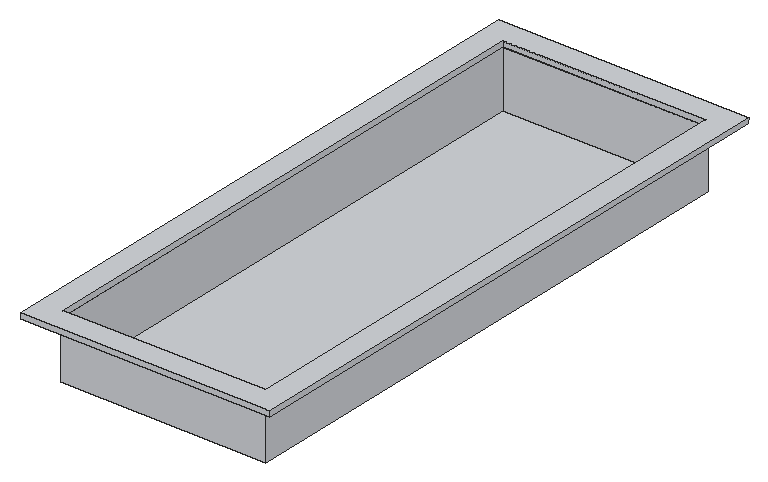
Revit family "Hager-VOLTA-Hollow_wall-Other-Without_Cover-Without_DIN-Hosted-CH-de", category Electrical Equipment, host Face, Revit 2023
Family settings
  Host = Face
  Panel Configuration = Two Columns, Circuits Across
  Round Connector Dimension = Use Diameter
  Part Type = Panelboard
  Cut with Voids When Loaded = No
  Maintain Annotation Orientation = Yes
  Shared = No
  Room Calculation Point = No
Parameters (values of type "VOLTA-Hollow_wall_W348_H880_D98_12_Modular_Spacing-VH60NK")
  Width Control [instance] = if([HG000006-Unterputz], if([EF000846 - Einbaubreite] > min_whd, [EF000846 - Einbaubreite], min_whd), if([EF000008 - Breite] > min_whd, ([EF000008 - Breite]), min_whd))  # 314 mm
  Void Depth [instance] = if([HG000006-Unterputz], Depth Control, 1 mm)  # 90 mm
  Uniformat code = "D501001"
  Uniformat = "Low Tension Service & Dist."
  HGEF0002950-Breite in Teilungseinheiten = 12
  HGEF000266-Anzahl der Reihen = 5
  HG000131 - Functional label [instance] = ""
  HG000130 - Functional name [instance] = ""
  Type Comments = ""
  System Height [instance] = Height Control - 2 * [HG000005-Dicke]  # 842 mm
  Reference description = ""
  Reference = "VOLTA-Hollow_wall_W348_H880_D98_12_Modular_Spacing-VH60NK"
  Object type = ""
  Name hager = "ADD_Enclosures_EC000214"
  Name BIM&CO = "Electricity"
  Name = "VOLTA-Hollow_wall-Other-Without_Cover-Without_DIN-CH"
  Model = ""
  HG000099-Onfly Template ID-de-CH = "507532"
  HG000060-RAL-number = "9010"
  HG000059-Operating voltage-de-CH [instance] = 230 V
  HG000017-Distanz zwischen den Polen = 18 mm
  HG000016-3D-Türsichtbarkeit = yes
  HG000015-Sichtbarkeit der Türöffnung = yes
  HG000014-Tür rechts = yes
  HG000013-Tür links = no
  HG000012-Türschwenkwinkel = 90.00°
  HG000011-Leere Reihen von unten = no
  HG000010-Asymmetrische Türen = no
  HG000009-Doppelflügeligen Tür = no
  HG000008-Anzahl der leeren Reihen = 0
  HG000007-Anzahl der leeren Spalten = 0
  HG000006-Unterputz = yes
  HG000005-Dicke = 2 mm
  HG000004-Herstellerreferenz = "VH60NK"
  HG000003-Bereich = "VOLTA"
  HG000002-Mit tür = no
  HG000001-Anzahl der Spalten = 0
  GTIN (Global Trade Item Number) = ""
  ETIM class name = "Small distribution board"
  ETIM class code = "EC000214"
  EF015941 - Signaldurchlassende Tür = no
  EF015777 - Neutralleiterklemmenblock = no
  EF015776 - Erdungsklemmenblock = no
  EF009212 - Ausführung Deckel = ""
  EF006306 - Mit Schloss = no
  EF006244 - Transparenter Deckel/Tür = no
  EF005474 - Schutzart (IP) = "sonstige"
  EF004464 - Art der Tür = ""
  EF004462 - Art der Schliessung = "sonstige"
  EF002950 - Anzahl Teilungseinheiten = 12
  EF001596 - Werkstoff des Gehäuses = ""
  EF001134 - DIN-Schiene = no
  EF001131 - Innentiefe = 0 mm
  EF001088 - Anbaumöglichkeit = yes
  EF001062 - EMV-Ausführung = no
  EF000846 - Einbaubreite = 314 mm
  EF000339 - Art der Abdeckung = ""
  EF000332 - Einbauhöhe = 846 mm
  EF000266 - Anzahl der Reihen = 5
  EF000218 - Einbautiefe = 90 mm
  EF000118 - Mit Montageplatte = no
  EF000116 - RAL-Nummer = 9010
  EF000049 - Tiefe = 98 mm
  EF000040 - Höhe = 880 mm
  EF000024 - UV-beständig = no
  EF000008 - Breite = 348 mm
  EF000007 - Farbe = "weiss"
  EF000003 - Montageart = "Hohlwand"
  Creation Date = "12/15/2025 21:43:36"
  Code hager = "ADD-EC000214_EU"
  BIM&CO code = ""
  BC_VARIANT_ID = "1174143"
  BC_OBJECT_VERSION = "#9"  # constant formula
  BC_OBJECT_ID = "513470"  # constant formula
  BC_MODEL_ID = "1547122"  # constant formula
  Arrow Offset [instance] = Depth Control / 8  # 11.25 mm
  Arrow Height [instance] = Depth Control - Arrow Offset  # 78.75 mm
  Host Offset [instance] = if([HG000006-Unterputz], 0 mm, [EF000049 - Tiefe])  # 0 mm
  min_whd [instance] = (2 * [HG000005-Dicke]) + 1 mm  # 5 mm
  Manufacturer = "Hager"  # constant formula
  Height Control [instance] = if([HG000006-Unterputz], if([EF000332 - Einbauhöhe] > min_whd, [EF000332 - Einbauhöhe], min_whd), if([EF000040 - Höhe] > min_whd, ([EF000040 - Höhe]), min_whd))  # 846 mm
  Flush Mounted - Door Frame Width [instance] = if(([EF000040 - Höhe] - [EF000332 - Einbauhöhe]) > 0 mm, if([HG000006-Unterputz], [EF000040 - Höhe] - [EF000332 - Einbauhöhe], 0 mm), 0 mm)  # 34 mm
  Depth Control [instance] = if([HG000006-Unterputz], if([EF000218 - Einbautiefe] > 0 mm, [EF000218 - Einbautiefe], 1 mm), if([EF000049 - Tiefe] > 0 mm, ([EF000049 - Tiefe]), 1 mm))  # 90 mm
  Default Elevation = 0 mm
Types (5, lengths in mm): name | HGEF000266-Anzahl der Reihen | System Height | Reference | HG000004-Herstellerreferenz | EF009212 - Ausführung Deckel | EF004462 - Art der Schliessung | EF001062 - EMV-Ausführung | EF000332 - Einbauhöhe | EF000266 - Anzahl der Reihen | EF000049 - Tiefe | EF000040 - Höhe | EF000008 - Breite | BC_VARIANT_ID | Height Control | Flush Mounted - Door Frame Width
  VOLTA-Hollow_wall_W330_H355_D94_12_Modular_Spacing-VH12NK | 1 | 342 | "VOLTA-Hollow_wall_W330_H355_D94_12_Modular_Spacing-VH12NK" | "VH12NK" | "geschlossen" | "" | yes | 346 | 1 | 94 | 355 | 330 | "1174126" | 346 | 9
  VOLTA-Hollow_wall_W348_H505_D98_12_Modular_Spacing-VH24NK | 2 | 467 | "VOLTA-Hollow_wall_W348_H505_D98_12_Modular_Spacing-VH24NK" | "VH24NK" | "" | "sonstige" | no | 471 | 2 | 98 | 505 | 348 | "1174131" | 471 | 34
  VOLTA-Hollow_wall_W348_H630_D98_12_Modular_Spacing-VH36NK | 3 | 592 | "VOLTA-Hollow_wall_W348_H630_D98_12_Modular_Spacing-VH36NK" | "VH36NK" | "" | "sonstige" | no | 596 | 3 | 98 | 630 | 348 | "1174136" | 596 | 34
  VOLTA-Hollow_wall_W348_H755_D98_12_Modular_Spacing-VH48NK | 4 | 717 | "VOLTA-Hollow_wall_W348_H755_D98_12_Modular_Spacing-VH48NK" | "VH48NK" | "" | "sonstige" | no | 721 | 4 | 98 | 755 | 348 | "1174140" | 721 | 34
  VOLTA-Hollow_wall_W348_H880_D98_12_Modular_Spacing-VH60NK | 5 | 842 | "VOLTA-Hollow_wall_W348_H880_D98_12_Modular_Spacing-VH60NK" | "VH60NK" | "" | "sonstige" | no | 846 | 5 | 98 | 880 | 348 | "1174143" | 846 | 34
Reference planes
  plane 1 "Center (Front/Back)": y = 0
  plane 2: z = 0
  plane 3 "Center (Left/Right)": x = 0
  plane 4: z = 0
  plane 5: y = 36
  plane 6: z = -5
  plane 7: y = 457
  plane 8: y = 34
  plane 9: y = 880
  plane 10: z = -90
  plane 11: x = -157
  plane 12: x = 157
  plane 13: x = 155
  plane 14: x = -155
  plane 15: y = 878
  plane 16: z = -88
  plane 17: z = -2
  plane 18: z = -90
  plane 19: z = -2
  plane 20 "Annotation H": y = -100
  plane 21 "Annotation V": x = 457
Forms (mm)
  Extrusion 1, solid
    sketch origin (-583.045, 34, 1219.2) x (-1, 0, 0) y (0, 0, 1)
      loop
        line (-426.045, -1219.2) -> (-740.045, -1219.2) -> (-740.045, -1309.2) -> (-426.045, -1309.2) -> (-426.045, -1219.2)
    from 0 to 846 <- "Height Control"
  Extrusion 2, void
    sketch origin (-381.607, -4572, 0) x (0, -1, 0) y (-1, 0, 0)
      loop
        line (-5450, -226.607) -> (-5450, -536.607) -> (-4608, -536.607) -> (-4608, -226.607) -> (-5450, -226.607)
    from 0 to 88
  Extrusion 3, void
    sketch origin (0, 0, 0) x (1, 0, 0) y (0, 1, 0)
      loop
        line (-157, 34) -> (157, 34) -> (157, 880) -> (-157, 880) -> (-157, 34)
    from -90 to 1
  Extrusion 4, solid, detail levels coarse+medium
    sketch origin (-381.607, -4572, 0) x (-1, 0, 0) y (0, -1, 0)
      loop
        line (-226.607, -5450) -> (-226.607, -4608) -> (-536.607, -4608) -> (-536.607, -5450) -> (-226.607, -5450)
    from 0 to -2
Cuts and joins
  Extrusion 2 cuts Extrusion 1
Dimensions and locks
  plane 4 to plane 6 = 5 mm
  "Host Offset": plane 4 to host face
  "Flush Mounted - Door Frame Width": plane 1 "Center (Front/Back)" to plane 8
  "HG000005-Dicke": plane 5 to plane 8
  locked: connector elem to plane 3 "Center (Left/Right)"
  "Height Control": plane 9 to plane 8
  equal spacing: plane 9, plane 7, plane 8
  locked: connector elem to plane 7
  "Depth Control": plane 4 to plane 10
  "HG000005-Dicke": plane 11 to plane 14
  "HG000005-Dicke": plane 12 to plane 13
  equal spacing: plane 11, plane 3 "Center (Left/Right)", plane 12
  "Width Control": plane 11 to plane 12
  "Arrow Offset": nested 4 to plane 10
  "HG000005-Dicke": plane 9 to plane 15
  "HG000005-Dicke": plane 16 to plane 10
  "HG000005-Dicke": plane 4 to plane 17
  "Void Depth": plane 2 to plane 18
  "HG000005-Dicke": plane 4 to plane 19
  locked: plane 20 "Annotation H" to plane 1 "Center (Front/Back)" at 100
  locked: plane 12 to plane 21 "Annotation V" at 300
  aligned and locked: plane 2 to host face
  aligned and locked: level to host face
  aligned and locked: plane 3 "Center (Left/Right)" to nested 2
  aligned and locked: plane 4 to nested 2
  aligned and locked: nested 2 to plane 8
  aligned and locked: nested 1 to plane 6
  aligned and locked: plane 5 to nested 1
  aligned and locked: nested 4 to plane 11
  aligned and locked: nested 3 to plane 4
  aligned and locked: Extrusion 1 sketch curve to plane 12
  aligned and locked: Extrusion 1 sketch curve to plane 11
  aligned and locked: nested 3 to plane 10
  aligned and locked: plane 10 to Extrusion 1 sketch curve
  aligned and locked: plane 5 to Extrusion 2 sketch curve
  aligned and locked: Extrusion 2 sketch curve to plane 15
  aligned and locked: Extrusion 2 sketch curve to plane 14
  aligned and locked: Extrusion 2 sketch curve to plane 13
  aligned and locked: plane 11 to Extrusion 3 sketch curve
  aligned and locked: plane 9 to Extrusion 3 sketch curve
  aligned and locked: Extrusion 3 sketch curve to plane 8
  aligned and locked: plane 12 to Extrusion 3 sketch curve
  aligned and locked: nested 3 to plane 12
  aligned and locked: Extrusion 3 to plane 18
  aligned and locked: Extrusion 2 to plane 16
  aligned and locked: Extrusion 1 sketch curve to plane 4
  aligned and locked: Extrusion 4 to plane 17
  aligned and locked: Extrusion 4 sketch curve to plane 15
  aligned and locked: Extrusion 4 sketch curve to plane 13
  aligned and locked: Extrusion 4 sketch curve to plane 14
  aligned and locked: plane 5 to Extrusion 4 sketch curve
  aligned and locked: nested 5 to plane 21 "Annotation V"
  aligned and locked: plane 20 "Annotation H" to nested 5
Automatic sketch dimensions
  host sketch curve to host sketch curve = 1469.727 mm
  host sketch curve to host sketch curve = 1434.803 mm
Nested families
  nested 1: "Hager_Enclosure_System" at (0, 36, -5) x (1, 0, 0) z (0, 1, 0), Height <- "System Height", Width_Control <- "Width Control", Built-in_Width <- "EF000846 - Einbaubreite", Width <- "EF000008 - Breite", Depth <- "HG000005-Dicke", Border <- "HG000005-Dicke", Distance_Between_Poles <- "HG000017-Distanz zwischen den Polen", Flush_Mounted <- "HG000006-Unterputz", Empty_Columns <- "HG000007-Anzahl der leeren Spalten", Total_No_Empty_Rows <- "HG000008-Anzahl der leeren Reihen", Empty_Rows_From_Bottom <- "HG000011-Leere Reihen von unten", Columns_Count <- "HG000001-Anzahl der Spalten", Rows_Count <- "HGEF000266-Anzahl der Reihen", Row_Module_Multiplicator <- "HGEF0002950-Breite in Teilungseinheiten", type "Hager_Enclosure_System", detail levels fine
    with Width_Control 314 mm, Width 348 mm, Total_No_Rows 5, Total_No_Empty_Rows 0, Total_No_Columns 1, System_Width 310 mm, Rows_Count 5, Rows_Column 5, Row_Module_Multiplicator 12, Panel_4 no, Panel_3 no, Panel_2 no, Panel_1 no, No_Panels_Ctrl 1, Hide_Columns yes, Height 842 mm, Flush_Mounted yes, Empty_Rows_From_Bottom no, Empty_Rows_Column 0, Empty_Columns 0, Empty column 4 0, Empty column 3 0, Empty column 2 0, Empty column 1 0, Distance_Between_Poles 18 mm, Depth 2 mm, Columns_Count 0, Column_Width 310 mm, Built-in_Width 314 mm, Border 2 mm
  nested 2: "Hager_Enclosure_Door" at (0, 34, 0) x (1, 0, 0) z (0, 1, 0), Height_Ctrl <- "Height Control", Width_Ctrl <- "Width Control", BuiltIn_Depth <- "EF000218 - Einbautiefe", Depth <- "EF000049 - Tiefe", BuiltIn_Width <- "EF000846 - Einbaubreite", Height <- "EF000040 - Höhe", BuiltIn_Height <- "EF000332 - Einbauhöhe", Width <- "EF000008 - Breite", Transparent <- "EF006244 - Transparenter Deckel/Tür", Border <- "HG000005-Dicke", Door <- "HG000002-Mit tür", Flush_Mounted <- "HG000006-Unterputz", Double <- "HG000009-Doppelflügeligen Tür", Assymetrical <- "HG000010-Asymmetrische Türen", Angle <- "HG000012-Türschwenkwinkel", Door_Left <- "HG000013-Tür links", Door_Right <- "HG000014-Tür rechts", Clearance <- "HG000015-Sichtbarkeit der Türöffnung", 3d_Door <- "HG000016-3D-Türsichtbarkeit", type "Hager_Enclosure_Door", detail levels medium+fine
    with min_wh 5 mm, Width_Ctrl 314 mm, Width 348 mm, Transparent_Door_No_Bottom_Border no, Transparent no, Leaf_Width 307 mm, Leaf_Tolerance 1.5 mm, Leaf_Height 839 mm, Leaf_2_Width 307 mm, Leaf_2_Offset 153.5 mm, Leaf_1_Width 307 mm, Leaf_1_Offset 153.5 mm, Height_Ctrl 846 mm, Height 880 mm, Frame_Width_Ctrl 34 mm, Frame_Width 34 mm, Frame_Internal_Offset 2 mm, Frame_Height_Ctrl 34 mm, Frame_Height 34 mm, Frame_Depth_Ctrl 8 mm, Frame_Depth 8 mm, Flush_Mounted yes, Double_Clearance_Ctrl no, Double no, Door_Right_Ctrl no, Door_Right yes, Door_Left_Ctrl no, Door_Left no, Door no, Depth 98 mm, Clearance_Depth 307 mm, Clearance_Ctrl yes, Clearance yes, BuiltIn_Width 314 mm, BuiltIn_Height 846 mm, BuiltIn_Depth 90 mm, Border 2 mm, Assymetrical no, Angle 90.00°, 3d_Door yes
  nested 3: "Hager_Enclosure_Symbol_Triangle" at (-157, 0, -90) x (1, 0, 0) z (0, -1, 0), Depth <- "Depth Control", Width <- "Width Control", type "Hager_Enclosure_Symbol_Triangle"
    with Width_Ctrl 314 mm, Width 314 mm, Depth_Ctrl 90 mm, Depth 90 mm
  nested 4: "Hager_Enclosure_Symbol_Arrow" at (-157, 0, -78.75) x (1, 0, 0) z (0, -1, 0), Height <- "Arrow Height", type "Hager_Enclosure_Symbol_Arrow"
    with Width_Inside 5.906 mm, Width 70.875 mm, Height_Ctrl 78.75 mm, Height 78.75 mm
  nested 5: "Hager_Annotation-HG000130" at (457, -100, 0) x (-1, 0, 0) z (0, 0, 1), HG000130 - Functional name <- "HG000130 - Functional name", type "Hager_Annotation-HG000130"
    with HG000130 - Functional name ""
Connectors
  electrical at (0, 457, -90)
    settings: on plane 10, index 1, voltage 0 V, apparent load 0 VA, apparent load phase1 0 VA, apparent load phase2 0 VA, apparent load phase3 0 VA, power factor 1, load classification "Other", number of poles 1, system type 30, power factor state 1, is connector primary yes, connector utility no, sub classification motor no, connector description ""
Definition of nested family "Hager_Enclosure_Door"
  Parameters (values of type "Hager_Enclosure_Door")
    min_wh [instance] = (2 * Border) + 1 mm  # 11 mm
    Width_Ctrl [instance] = 400 mm
    Width [instance] = 500 mm
    Transparent_Door_No_Bottom_Border [instance] = no
    Transparent [instance] = yes
    Leaf_Width [instance] = if((Width_Ctrl - 2 * Border - 2 * Leaf_Tolerance) > 0 mm, (Width_Ctrl - 2 * Border - 2 * Leaf_Tolerance), min_wh)  # 387 mm
    Leaf_Tolerance [instance] = 1.5 mm  # constant formula
    Leaf_Height [instance] = if((Height_Ctrl - 2 * Border - 2 * Leaf_Tolerance) > 0 mm, (Height_Ctrl - 2 * Border - 2 * Leaf_Tolerance), min_wh)  # 387 mm
    Leaf_2_Width [instance] = if(and(and(Double, Assymetrical), Door_Left), (Leaf_Width / 3) - (Leaf_Tolerance / 2), if(and(and(Double, Assymetrical), Door_Right), (Leaf_Width / 3) * 2 - (Leaf_Tolerance / 2), if(and(Double, not(Assymetrical)), (Leaf_Width / 2) - Leaf_Tolerance, Leaf_Width)))  # 387 mm
    Leaf_2_Offset [instance] = if(and(Double, Assymetrical), Leaf_2_Width / 2, if(and(Double, not(Assymetrical)), Leaf_Width / 4, Leaf_Width / 2))  # 193.5 mm
    Leaf_1_Width [instance] = if(and(and(Double, Assymetrical), Door_Right), (Leaf_Width / 3) - (Leaf_Tolerance / 2), if(and(and(Double, Assymetrical), Door_Left), (Width / 3) * 2 - (Leaf_Tolerance / 2), if(and(Double, not(Assymetrical)), (Leaf_Width / 2) - Leaf_Tolerance, Leaf_Width)))  # 387 mm
    Leaf_1_Offset [instance] = if(and(Double, Assymetrical), Leaf_1_Width / 2, if(and(Double, not(Assymetrical)), Leaf_Width / 4, Leaf_Width / 2))  # 193.5 mm
    Height_Ctrl [instance] = 400 mm
    Height [instance] = 500 mm
    Frame_Width_Ctrl [instance] = if(Frame_Width > 0 mm, Frame_Width, 1 mm)  # 1 mm
    Frame_Width [instance] = Width - BuiltIn_Width  # 0 mm
    Frame_Internal_Offset [instance] = if(Flush_Mounted, Border, 0 mm)  # 5 mm
    Frame_Height_Ctrl [instance] = if(Frame_Height > 0 mm, Frame_Height, 1 mm)  # 1 mm
    Frame_Height [instance] = Height - BuiltIn_Height  # 0 mm
    Frame_Depth_Ctrl [instance] = if(Frame_Depth > 0 mm, Frame_Depth, 1 mm)  # 1 mm
    Frame_Depth [instance] = if(Depth - BuiltIn_Depth > 0 mm, if(Flush_Mounted, Depth - BuiltIn_Depth, 0 mm), 0 mm)  # 0 mm
    Flush_Mounted [instance] = yes
    Double_Clearance_Ctrl [instance] = and(Double, Clearance)  # no
    Double [instance] = no
    Door_Right_Ctrl [instance] = and(or(Door_Right, Double), Door)  # yes
    Door_Right [instance] = yes
    Door_Left_Ctrl [instance] = and(or(Door_Left, Double), Door)  # no
    Door_Left [instance] = no
    Door [instance] = yes
    Depth [instance] = 500 mm
    Default Elevation = 1219.2 mm
    Clearance_Material = none
    Clearance_Depth [instance] = if(Leaf_1_Width > Leaf_2_Width, Leaf_1_Width, Leaf_2_Width)  # 387 mm
    Clearance_Ctrl [instance] = and(not(Double), Clearance)  # yes
    Clearance [instance] = yes
    BuiltIn_Width [instance] = 500 mm
    BuiltIn_Height [instance] = 500 mm
    BuiltIn_Depth [instance] = 500 mm
    Border [instance] = 5 mm
    Assymetrical [instance] = yes
    Angle [instance] = 30.00°
    3d_Door [instance] = yes
  Reference planes
    plane 1 "Center (Front/Back)": y = 0
    plane 2 "Bottom": z = 0
    plane 3 "Center (Left/Right)": x = 0
    plane 4: z = 400
    plane 5: x = -200
    plane 6: x = 200
    plane 7: z = 395
    plane 8: x = -195
    plane 9: z = 5
    plane 10: x = 195
    plane 11: y = 0
    plane 12: z = 6.5
    plane 13: x = -582
    plane 14: y = -387
    plane 15: x = 582
    plane 16: x = 0
    plane 17: x = 0
    plane 18: x = -193.5
    plane 19: x = 193.5
    plane 20: z = 393.5
  Forms (mm)
    Extrusion 1, solid, visible <- "Flush_Mounted"
      sketch origin (0, 0, 0) x (1, 0, 0) y (0, 0, 1)
        loop
          line (195, 5) -> (195, 395) -> (-195, 395) -> (-195, 5) -> (195, 5)
        loop
          line (-201, 401) -> (-201, -1) -> (201, -1) -> (201, 401) -> (-201, 401)
      from 0 to 1 <- "Frame_Depth_Ctrl"
    Extrusion 2, solid, material <- "Clearance_Material", visible <- "Double_Clearance_Ctrl"
      sketch origin (1200, 0, 0) x (1, 0, 0) y (0, 0, -1)
        loop
          line (-1782, -393.5) -> (-618, -393.5) -> (-618, 0) -> (-1782, 0) -> (-1782, -393.5)
      from 0 to -387
  Dimensions and locks
    equal spacing: plane 5, plane 3 "Center (Left/Right)", plane 6
    "Width_Ctrl": plane 5 to plane 6
    "Border": plane 5 to plane 8
    "Border": plane 6 to plane 10
    "Border": plane 9 to level
    "Border": plane 4 to plane 7
    "Height_Ctrl": plane 4 to level
    "Leaf_Tolerance": plane 12 to plane 9
    "Frame_Depth": plane 11 to plane 1 "Center (Front/Back)"
    "Frame_Width_Ctrl": plane 5 to Extrusion 1 sketch curve
    "Frame_Width_Ctrl": plane 6 to Extrusion 1 sketch curve
    "Frame_Width_Ctrl": Extrusion 1 sketch curve to plane 4
    "Frame_Width_Ctrl": plane 2 "Bottom" to Extrusion 1 sketch curve
    "Leaf_1_Offset": plane 18 to plane 16
    "Leaf_2_Offset": plane 17 to plane 19
    "Leaf_1_Width": plane 13 to plane 8
    "Leaf_2_Width": plane 10 to plane 15
    "Clearance_Depth": plane 14 to plane 1 "Center (Front/Back)"
    "Leaf_Tolerance": plane 8 to plane 18
    "Leaf_Tolerance": plane 19 to plane 10
    "Leaf_Tolerance": plane 7 to plane 20
    "Frame_Internal_Offset": plane 5 to Extrusion 1 sketch curve
    "Frame_Internal_Offset": Extrusion 1 sketch curve to plane 2 "Bottom"
    "Frame_Internal_Offset": plane 6 to Extrusion 1 sketch curve
    "Frame_Internal_Offset": plane 4 to Extrusion 1 sketch curve
    aligned and locked: level to plane 2 "Bottom"
    aligned and locked: nested 1 to plane 16
    aligned and locked: nested 2 to plane 17
    aligned and locked: Extrusion 2 to plane 13
    aligned and locked: plane 15 to Extrusion 2
    aligned and locked: Extrusion 2 to plane 14
    aligned and locked: plane 12 to nested 1
    aligned and locked: nested 2 to plane 12
    aligned and locked: Extrusion 2 to plane 11
    aligned and locked: plane 20 to Extrusion 2
    aligned and locked: nested 2 to plane 11
    aligned and locked: nested 1 to plane 11
  Automatic sketch dimensions
    Extrusion 2 sketch curve to level = 0 mm
    plane 5 to Extrusion 2 sketch curve = 382 mm
    plane 6 to Extrusion 2 sketch curve = 382 mm
    Extrusion 2 sketch curve to plane 4 = 6.5 mm
  Nested families
    nested 1: "Hager_Enclosure_Door_Leaf" at (0, 0, 6.5), Width <- "Leaf_1_Width", visible <- "Door_Left_Ctrl", Leaf_Height <- "Leaf_Height", Angle <- "Angle", Depth <- "Border", 3d_Door <- "3d_Door", Transparent <- "Transparent", Clearance Material <- "Clearance_Material", Clearance <- "Clearance_Ctrl", Transparent_Door_No_Bottom_Border <- "Transparent_Door_No_Bottom_Border", type "Hager_Enclosure_Door_Leaf"
      with Width 387 mm, Transparent_Door_No_Bottom_Border no, Transparent_Door_Border_Bottom_Top 25 mm, Transparent_Door_Border 25 mm, Transparent_Ctrl yes, Transparent yes, Standard no, Leaf_Height 387 mm, Glass_Offset 1 mm, Depth 5 mm, Clearance Material none, Clearance yes, Angle_Ctrl 30.00°, Angle 30.00°, 3d_Door yes
    nested 2: "Hager_Enclosure_Door_Leaf" at (0, 0, 6.5) x (-1, 0, 0) z (0, 0, 1), Width <- "Leaf_2_Width", visible <- "Door_Right_Ctrl", Leaf_Height <- "Leaf_Height", Angle <- "Angle", Depth <- "Border", 3d_Door <- "3d_Door", Transparent <- "Transparent", Clearance Material <- "Clearance_Material", Clearance <- "Clearance_Ctrl", Transparent_Door_No_Bottom_Border <- "Transparent_Door_No_Bottom_Border", type "Hager_Enclosure_Door_Leaf"
      with Width 387 mm, Transparent_Door_No_Bottom_Border no, Transparent_Door_Border_Bottom_Top 25 mm, Transparent_Door_Border 25 mm, Transparent_Ctrl yes, Transparent yes, Standard no, Leaf_Height 387 mm, Glass_Offset 1 mm, Depth 5 mm, Clearance Material none, Clearance yes, Angle_Ctrl 30.00°, Angle 30.00°, 3d_Door yes
  Definition of nested family "Hager_Enclosure_Door_Leaf"
    Parameters (values of type "Hager_Enclosure_Door_Leaf")
      Width [instance] = 2000 mm
      Transparent_Door_No_Bottom_Border [instance] = yes
      Transparent_Door_Border_Bottom_Top [instance] = if(Transparent_Door_No_Bottom_Border, 0.1 mm, Transparent_Door_Border)  # 0.1 mm
      Transparent_Door_Border [instance] = if(Transparent_Door_No_Bottom_Border, (Width * 0.12), 25 mm)  # 240 mm
      Transparent_Ctrl [instance] = and(Transparent, [3d_Door])  # yes
      Transparent [instance] = yes
      Standard [instance] = and(not(Transparent), [3d_Door])  # no
      Leaf_Height [instance] = 2720.336 mm
      Glass_Offset [instance] = if((Depth - 10 mm) / 2 > 0 mm, (Depth - 10 mm) / 2, 1 mm)  # 15 mm
      Glass_Material = none
      Depth [instance] = 40 mm
      Default Elevation = 0 mm
      Clearance Material [instance] = none
      Clearance [instance] = yes
      Angle_Ctrl [instance] = if(Angle > 170.00°, 170.00°, Angle)  # 45.00°
      Angle [instance] = 45.00°
      3d_Door [instance] = yes
    Reference planes
      plane 1 "Center (Front/Back)": y = 0
      plane 2: z = 0
      plane 3 "Center (Left/Right)": x = 0
      plane 4: y = 2000
      plane 5: x = -1000
      plane 6: x = 1000
      plane 7: x = -3000
      plane 8: z = 2720.336
      plane 9: z = 0.1
      plane 10: z = 2720.236
      plane 11: x = 760
      plane 12: x = -760
    Forms (mm)
      Extrusion 1, solid, material <- "Clearance Material", visible <- "Clearance"
        sketch origin (0, 0, 0) x (1, 0, 0) y (0, 0, 1)
          loop
            line (-3000, 2720.336) -> (-3000, 0) -> (1000, 0) -> (1000, 2720.336) -> (-3000, 2720.336)
        from 0 to -2000
      Extrusion 2, solid, visible <- "Standard", detail levels medium+fine
        sketch origin (-1000, 0, 0) x (0.707107, 0.707107, 0) y (-0.707107, 0.707107, 0)
          loop
            line (0, -40) -> (2000, -40) -> (2000, 0) -> (0, 0) -> (0, -40)
        from 0 to 2720.336 <- "Leaf_Height"
      Extrusion 3, solid, visible <- "Transparent_Ctrl", detail levels medium+fine
        sketch origin (-1000, 0, 0) x (0.707107, 0.707107, 0) y (-0.707107, 0.707107, 0)
          loop
            line (0, -40) -> (2000, -40) -> (2000, 0) -> (0, 0) -> (0, -40)
        from 0 to 2720.336 <- "Leaf_Height"
      Extrusion 4, void, detail levels medium+fine
        sketch origin (-1000, 0, 0) x (-0.707107, 0.707107, 0) y (0.707107, 0.707107, 0)
          loop
            line (0, 240) -> (0, 1760) -> (-40, 1760) -> (-40, 240) -> (0, 240)
        from -2720.236 to -0.1
      Extrusion 5, solid, material <- "Glass_Material", visible <- "Transparent_Ctrl", detail levels medium+fine
        sketch origin (-1000, 0, 0) x (0.707107, 0.707107, 0) y (-0.707107, 0.707107, 0)
          loop
            line (240, -15) -> (240, -25) -> (1760, -25) -> (1760, -15) -> (240, -15)
        from 0.1 to 2720.236
    Cuts and joins
      Extrusion 4 cuts Extrusion 3
    Lines and regions (mm)
      symbolic lines
        curve 1: line (1000, 0, 0) -> (-3000, 0, 0)
        curve 2: arc (1000, 0, 0) -> (-1000, 2000, 0) -> (-3000, 0, 0) r 2000
        curve 4: line (-1000, 0, 0) -> (414.214, 1414.214, 0)
      reference lines
        curve 3: line (-1000, 0, 0) -> (414.214, 1414.214, 0)
      symbolic lines, detail levels medium+fine
        curve 5: line (414.214, 1414.214, 0) -> (442.498, 1385.929, 0)
        curve 6: line (442.498, 1385.929, 0) -> (-971.716, -28.284, 0)
        curve 7: line (-971.716, -28.284, 0) -> (-1000, 0, 0)
        curve 8: line (-1000, 0, 2720.336) -> (1000, 0, 2720.336)
        curve 9: line (-1000, 0, 0) -> (-1000, 0, 2720.336)
        curve 10: line (1000, 0, 0) -> (-1000, 0, 0)
        curve 11: line (1000, 0, 2720.336) -> (1000, 0, 0)
      symbolic lines, visible <- "Transparent_Ctrl", detail levels medium+fine
        curve 12: line (-760, 0, 2720.236) -> (760, 0, 2720.236)
        curve 13: line (-760, 0, 0.1) -> (-760, 0, 2720.236)
        curve 14: line (760, 0, 0.1) -> (-760, 0, 0.1)
        curve 15: line (760, 0, 2720.236) -> (760, 0, 0.1)
    Dimensions and locks
      "Width": plane 1 "Center (Front/Back)" to plane 4
      equal spacing: plane 5, plane 3 "Center (Left/Right)", plane 6
      "Width": plane 5 to plane 6
      "Width": plane 7 to plane 5
      "Leaf_Height": plane 8 to level
      "Depth": curve 6 to curve 3
      "Width": curve 5 to curve 3
      "Width": curve 3 to curve 3
      "Transparent_Door_Border": Extrusion 4 sketch curve to curve 7
      "Transparent_Door_Border": Extrusion 4 sketch curve to curve 5
      "Transparent_Door_Border_Bottom_Top": plane 8 to plane 10
      "Transparent_Door_Border_Bottom_Top": plane 9 to level
      "Glass_Offset": Extrusion 5 sketch curve to curve 4
      "Glass_Offset": Extrusion 5 sketch curve to curve 6
      "Transparent_Door_Border": Extrusion 5 sketch curve to curve 5
      "Transparent_Door_Border": Extrusion 5 sketch curve to curve 7
      "Transparent_Door_Border": plane 12 to plane 5
      "Transparent_Door_Border": plane 6 to plane 11
      "Angle_Ctrl": angle plane 1 "Center (Front/Back)" to curve 3
      aligned and locked: level to plane 2
      aligned and locked: Extrusion 1 to curve 1
      aligned and locked: plane 6 to Extrusion 1
      aligned and locked: Extrusion 1 to plane 1 "Center (Front/Back)"
      aligned and locked: plane 4 to Extrusion 1
      aligned and locked: plane 8 to Extrusion 1
      aligned and locked: curve 4 to curve 3
      aligned and locked: Extrusion 2 sketch curve to curve 7
      aligned and locked: Extrusion 2 sketch curve to curve 6
      aligned and locked: Extrusion 2 sketch curve to curve 5
      aligned and locked: Extrusion 2 sketch curve to curve 3
      aligned and locked: curve 7 to Extrusion 3 sketch curve
      aligned and locked: Extrusion 3 sketch curve to curve 4
      aligned and locked: Extrusion 3 sketch curve to curve 6
      aligned and locked: Extrusion 3 sketch curve to curve 5
      aligned and locked: curve 4 to Extrusion 4 sketch curve
      aligned and locked: curve 6 to Extrusion 4 sketch curve
      aligned and locked: Extrusion 4 to plane 9
      aligned and locked: Extrusion 4 to plane 10
      aligned and locked: Extrusion 5 to plane 9
      aligned and locked: Extrusion 5 to plane 10
      aligned and locked: curve 8 to plane 8
      aligned and locked: plane 5 to curve 9
      aligned and locked: plane 2 to curve 10
      aligned and locked: curve 11 to plane 6
      aligned and locked: plane 10 to curve 12
      aligned and locked: plane 12 to curve 13
      aligned and locked: curve 14 to plane 9
      aligned and locked: plane 11 to curve 15
    Automatic sketch dimensions
      plane 1 "Center (Front/Back)" to curve 2 = 0 mm
      curve 2 to plane 5 = 0 mm
      Extrusion 1 sketch curve to level = 0 mm
      Extrusion 1 sketch curve to plane 7 = 0 mm
      Extrusion 1 sketch curve to plane 6 = 0 mm
      Extrusion 1 sketch curve to plane 8 = 0 mm
      plane 1 "Center (Front/Back)" to curve 3 = 0 mm
      curve 3 to plane 5 = 0 mm
      curve 7 to curve 3 = 0 mm
Definition of nested family "Hager_Enclosure_Symbol_Triangle"
  Parameters (values of type "Hager_Enclosure_Symbol_Triangle")
    Width_Ctrl [instance] = if(Width > 1 mm, Width, 1 mm)  # 498 mm
    Width [instance] = 498 mm
    Depth_Ctrl [instance] = if(Depth > 1 mm, Depth, 1 mm)  # 72 mm
    Depth [instance] = 72 mm
  Reference planes
    plane 1 "Centre (avant/arrière)": y = 0
    plane 2: z = 0
    plane 3 "Centre (gauche/droite)": x = 0
  Lines and regions (mm)
    Filled region 1, type "Solid_Black", in view "Niveau de réf."
      outline origin (0, 0, 0) x (1, 0, 0) y (0, 1, 0)
        loop
          line (0, 0) -> (498, 0) -> (498, 72) -> (0, 0)
    reference lines, in view "Niveau de réf."
      curve 1: line (-206.153, 72, 0) -> (1083.258, 72, 0)
      curve 2: line (498, 405.456, 0) -> (498, -517.619, 0)
  Dimensions and locks
    "Depth_Ctrl": plane 1 "Centre (avant/arrière)" to curve 1
    "Width_Ctrl": plane 3 "Centre (gauche/droite)" to curve 2
    aligned and locked: curve 1 to Filled region 1 sketch curve
    aligned and locked: Filled region 1 sketch curve to plane 1 "Centre (avant/arrière)"
    aligned and locked: curve 2 to Filled region 1 sketch curve
    aligned and locked: plane 3 "Centre (gauche/droite)" to Filled region 1 sketch curve
    aligned and locked: plane 1 "Centre (avant/arrière)" to Filled region 1 sketch curve
  Automatic sketch dimensions
    curve 1 to plane 3 "Centre (gauche/droite)" = 206.153 mm
    curve 2 to curve 1 = 585.258 mm
    plane 1 "Centre (avant/arrière)" to curve 2 = 517.619 mm
    curve 2 to plane 1 "Centre (avant/arrière)" = 405.456 mm
Definition of nested family "Hager_Enclosure_Symbol_Arrow"
  Parameters (values of type "Hager_Enclosure_Symbol_Arrow")
    Width_Inside [instance] = if(Width / 12 > 2 mm, Width / 12, 2 mm)  # 4.987 mm
    Width [instance] = if(Height_Ctrl * 0.9 > 2 mm, Height_Ctrl * 0.9, 2 mm)  # 59.85 mm
    Height_Ctrl [instance] = if(Height > 2 mm, Height, 2 mm)  # 66.5 mm
    Height [instance] = 66.5 mm
  Reference planes
    plane 1 "Centre (avant/arrière)": y = 0
    plane 2: z = 0
    plane 3 "Centre (gauche/droite)": x = 0
    plane 4: x = 59.85
    plane 5: y = 28.263
    plane 6: y = 38.238
    plane 7: y = 66.5
    plane 8: x = 29.925
    plane 9: y = 33.25
  Lines and regions (mm)
    Filled region 1, type "Solid_Black", in view "Niveau de réf."
      outline origin (0, 0, 0) x (1, 0, 0) y (0, 1, 0)
        loop
          line (59.85, 66.5) -> (37.929, 52.827) -> (51.846, 41.935) -> (59.85, 66.5)
    detail lines, in view "Niveau de réf."
      curve 1: line (0, 0, 0) -> (29.925, 38.238, 0)
      curve 2: line (29.925, 38.238, 0) -> (29.925, 28.263, 0)
      curve 3: line (29.925, 28.263, 0) -> (59.85, 66.5, 0)
  Dimensions and locks
    "Width": plane 3 "Centre (gauche/droite)" to plane 4
    "Height_Ctrl": plane 7 to plane 1 "Centre (avant/arrière)"
    equal spacing: plane 3 "Centre (gauche/droite)", plane 8, plane 4
    equal spacing: plane 7, plane 9, plane 1 "Centre (avant/arrière)"
    equal spacing: plane 6, plane 9, plane 5
    "Width_Inside": plane 6 to plane 9
    equal spacing: curve 3, Filled region 1 sketch curve, Filled region 1 sketch curve
    angle Filled region 1 sketch curve to curve 3 = 20.00°
    angle curve 3 to Filled region 1 sketch curve = 20.00°
    locked: curve 3 to Filled region 1 sketch curve (angle 90.00°)
  Automatic sketch dimensions
    plane 1 "Centre (avant/arrière)" to curve 1 = 0 mm
    curve 1 to plane 3 "Centre (gauche/droite)" = 0 mm
    curve 2 to plane 6 = 0 mm
    curve 3 to plane 8 = 0 mm
    curve 3 to plane 4 = 0 mm
    curve 2 to plane 5 = 0 mm
    curve 3 to plane 7 = 0 mm
    Filled region 1 sketch curve to plane 4 = 0 mm
    Filled region 1 sketch curve to plane 7 = 0 mm
Definition of nested family "Hager_Annotation-HG000130"
  Parameters (values of type "Hager_Annotation-HG000130")
    HG000130 - Functional name [instance] = ""
  Reference planes
    plane 1: y = 0
    plane 2: x = 0
  Lines and regions (mm)
    detail lines
      curve 1: line (-27.5, 10, 0) -> (27.5, 10, 0)
      curve 2: line (-27.5, -10, 0) -> (-27.5, 10, 0)
      curve 3: line (27.5, -10, 0) -> (-27.5, -10, 0)
      curve 4: line (27.5, 10, 0) -> (27.5, -10, 0)
  Text (mm)
    label "HG000130 - Functional name" at (0.16, 0.026, 0), shows "HG000130 - Functional name"
